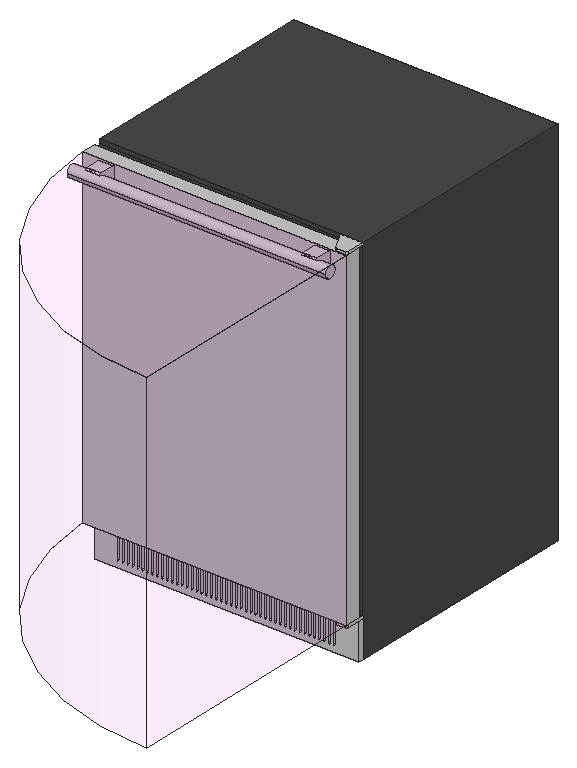
Revit family "Qf_Summit_SPR623OS_24 inches Wide Built-In Outdoor All-Refrigerator", category Specialty Equipment, Revit 2020
Family settings
  Round Connector Dimension = Use Diameter
  Part Type = Normal
  Work Plane-Based = No
  Always vertical = Yes
  Cut with Voids When Loaded = No
  Shared = No
  Room Calculation Point = No
Parameters
  Weight in Pounds = 114
  Watts = 0 W
  Volts = 115 V
  URL Cutsheet = ""
  Specification by User = ""
  Specification by Manufacturer = ""
  Show Clearance [instance] = yes
  Serial Number = ""
  Seismic Rating = ""
  SMACNA No = ""
  Revision Code = ""
  Refrigerant Volume = 0.00 kip
  Refrigerant Type = "R600a"
  Phase = 1
  Number of Poles = 1
  NAFEM Spec ID Number = ""
  Model = "SPR623OS"
  Min Ckt Ampacity = 0 A
  Max Overcurrent Protection = 0 A
  Masterspec = ""
  Manufacturer = "Summit"
  Length = 23 1/2"
  Item Number = ""
  Installed By = ""
  Identify Quantity as Lot = yes
  Height = 34"
  HP = ""
  Furnished By = ""
  Foodservice Equipment Identifier = yes
  FL Amps = 1.25 A
  Electrical Remarks = ""
  Electric Connection Type = ""
  Elec Conn RI Height = 0"
  Elec Conn Connection Height = 0"
  Description = "24\" Wide Built-In Outdoor All-Refrigerator"
  Depth = 23 1/2"
  Default Elevation = 0"
  Cycle = 60 Hz
  Conn Plug = ""
  Conn Conduit = yes
  CSI MasterFormat = ""
  Apparent Power = if(Phase = 3, Volts * FL Amps * 1.73, Volts * FL Amps)  # 143.75 VA
Reference planes (in)
  plane 1: z = 0
  plane 2 "LEFT": x = 0
  plane 3 "RIGHT": x = 23.5
  plane 4 "FRONT": y = -24.25
  plane 5 "TOP": z = 34
  plane 6 "Center Y": x = 11.75
  plane 7 "Center X": y = -12.5
  plane 8 "BACK": y = -0.75
  plane 9: y = -46.5
  plane 10: z = 0.75
  plane 11: z = 4
  plane 12: y = -26.25
  plane 13: y = -22.875
  plane 14: y = -22.375
  plane 15: z = 4.25
  plane 16: z = 33.8125
Forms (in)
  Extrusion 1, solid, material "QF_Metal_Stainless_Polished"
    sketch origin (23.88, 0, 0) x (0, 1, 0) y (0, 0, 1)
      loop
        circle (-25.75, 33.0562) r 0.5
    from -23.63 to -0.63
  Extrusion 2, solid, material "QF_Metal_Stainless_Polished"
    sketch origin (23.88, 0, 0) x (0, 1, 0) y (0, 0, 1)
      loop
        arc (-25.75, 33.5562) -> (-25.25, 33.0562) -> (-25.75, 32.5562) r 0.5
        line (-25.75, 32.5562) -> (-25.625, 32.4312) -> (-24.25, 32.4312) -> (-24.25, 33.6812) -> (-25.625, 33.6812) -> (-25.75, 33.5562)
    from -3.13 to -1.88
  Extrusion 3, solid, material "QF_Metal_Stainless_Polished"
    sketch origin (0, 0, 0) x (1, 0, 0) y (0, 1, 0)
      loop
        line (0, -22.875) -> (0, -24.25) -> (23.5, -24.25) -> (23.5, -22.875) -> (0, -22.875)
    from 4.25 to 33.8125
  Extrusion 4, solid, material "QF_Plastic - Black - Matte"
    sketch origin (0, 0, 0) x (1, 0, 0) y (0, 1, 0)
      loop
        line (0.125, -22.375) -> (0.125, -22.875) -> (23.375, -22.875) -> (23.375, -22.375) -> (0.125, -22.375)
    from 4.56834 to 33.6812
  Extrusion 5, solid, material "QF_Plastic - Black - Matte"
    sketch origin (0, 0, 0) x (1, 0, 0) y (0, 1, 0)
      loop
        line (0, -0.75) -> (0, -22.375) -> (23.5, -22.375) -> (23.5, -0.75) -> (0, -0.75)
    from 0.75 to 34
  Extrusion 6, solid, material "QF_Metal_Stainless_Polished"
    sketch origin (23.88, 0, 0) x (0, 1, 0) y (0, 0, 1)
      loop
        line (-22.375, 4) -> (-22.875, 4) -> (-22.875, 0.75) -> (-22.375, 0.75) -> (-22.375, 4)
    from -23.88 to -0.38
  Extrusion 7, solid, material "QF_Metal_Stainless_Polished"
    sketch origin (-0.38, 0, 0) x (0, 1, 0) y (0, 0, -1)
      loop
        line (-25.75, -33.5562) -> (-25.625, -33.6812) -> (-24.25, -33.6812) -> (-24.25, -32.4312) -> (-25.625, -32.4312) -> (-25.75, -32.5562)
        arc (-25.75, -32.5562) -> (-25.25, -33.0562) -> (-25.75, -33.5562) r 0.5
    from -3.13 to -1.88
  Revolve 8, solid
    sketch origin (0, -2, 0) x (1, 0, 0) y (0, 0, 1)
      loop
        line (1.5, 0.75) -> (1.5, 0) -> (2, 0) -> (2.08333, 0.4375) -> (2.08333, 0.5) -> (1.6875, 0.5) -> (1.6875, 0.75) -> (1.5, 0.75)
      axis (1.5, 0) -> (1.5, 0.75)
    angle from 0 to 360
  Revolve 9, solid
    sketch origin (23.5, -2, 0) x (-1, 0, 0) y (0, 0, 1)
      loop
        line (1.5, 0.75) -> (1.5, 0) -> (2, 0) -> (2.08333, 0.4375) -> (2.08333, 0.5) -> (1.6875, 0.5) -> (1.6875, 0.75) -> (1.5, 0.75)
      axis (1.5, 0) -> (1.5, 0.75)
    angle from 0 to 360
  Revolve 10, solid
    sketch origin (0, -21.25, 0) x (1, 0, 0) y (0, 0, 1)
      loop
        line (1.5, 0.75) -> (1.5, 0) -> (2, 0) -> (2.08333, 0.4375) -> (2.08333, 0.5) -> (1.6875, 0.5) -> (1.6875, 0.75) -> (1.5, 0.75)
      axis (1.5, 0) -> (1.5, 0.75)
    angle from 0 to 360
  Revolve 11, solid
    sketch origin (23.5, -21.25, 0) x (-1, 0, 0) y (0, 0, 1)
      loop
        line (1.5, 0.75) -> (1.5, 0) -> (2, 0) -> (2.08333, 0.4375) -> (2.08333, 0.5) -> (1.6875, 0.5) -> (1.6875, 0.75) -> (1.5, 0.75)
      axis (1.5, 0) -> (1.5, 0.75)
    angle from 0 to 360
  Extrusion 12, solid
    sketch origin (0, -0.75, 0) x (1, 0, 0) y (0, 0, 1)
      loop
        circle (17.5, 1.63431) r 0.25
    from 0 to -0.11328
  Extrusion 13, solid, material "QF_Metal_Stainless_Polished"
    sketch origin (0, 0, 0) x (1, 0, 0) y (0, 1, 0)
      loop
        line (21.5, -22.375) -> (22.46339, -24.12801)
        arc (22.46339, -24.12801) -> (22.50887, -24.17162) -> (22.56985, -24.1875) r 0.125
        line (22.56985, -24.1875) -> (23.375, -24.1875)
        arc (23.375, -24.1875) -> (23.46339, -24.15089) -> (23.5, -24.0625) r 0.125
        line (23.5, -24.0625) -> (23.5, -22.375) -> (21.5, -22.375)
    from 33.8125 to 34
  Extrusion 14, solid, material "QF_Metal_Stainless_Polished"
    sketch origin (0, 0, 34.75) x (0, -1, 0) y (1, 0, 0)
      loop
        line (22.375, 21.5) -> (24.12801, 22.46339)
        arc (24.12801, 22.46339) -> (24.17162, 22.50887) -> (24.1875, 22.56985) r 0.125
        line (24.1875, 22.56985) -> (24.1875, 23.375)
        arc (24.1875, 23.375) -> (24.15089, 23.46339) -> (24.0625, 23.5) r 0.125
        line (24.0625, 23.5) -> (22.375, 23.5) -> (22.375, 21.5)
    from -30.75 to -30.5
  Extrusion 15, void
    sketch origin (23.88, -22.875, 4) x (0, 0, 1) y (1, 0, 0)
      loop
        arc (-0.54337, -21.84875) -> (-0.44962, -21.755) -> (-0.54337, -21.66125) r 0.09375
        line (-0.54337, -21.66125) -> (-2.60587, -21.66125)
        arc (-2.60587, -21.66125) -> (-2.69962, -21.755) -> (-2.60587, -21.84875) r 0.09375
        line (-2.60587, -21.84875) -> (-0.54337, -21.84875)
      loop
        arc (-0.54337, -21.41125) -> (-0.44962, -21.3175) -> (-0.54337, -21.22375) r 0.09375
        line (-0.54337, -21.22375) -> (-2.60587, -21.22375)
        arc (-2.60587, -21.22375) -> (-2.69962, -21.3175) -> (-2.60587, -21.41125) r 0.09375
        line (-2.60587, -21.41125) -> (-0.54337, -21.41125)
      loop
        arc (-0.54337, -20.97375) -> (-0.44962, -20.88) -> (-0.54337, -20.78625) r 0.09375
        line (-0.54337, -20.78625) -> (-2.60587, -20.78625)
        arc (-2.60587, -20.78625) -> (-2.69962, -20.88) -> (-2.60587, -20.97375) r 0.09375
        line (-2.60587, -20.97375) -> (-0.54337, -20.97375)
      loop
        arc (-0.53125, -20.53625) -> (-0.4375, -20.4425) -> (-0.53125, -20.34875) r 0.09375
        line (-0.53125, -20.34875) -> (-2.59375, -20.34875)
        arc (-2.59375, -20.34875) -> (-2.6875, -20.4425) -> (-2.59375, -20.53625) r 0.09375
        line (-2.59375, -20.53625) -> (-0.53125, -20.53625)
      loop
        arc (-0.53125, -20.09875) -> (-0.4375, -20.005) -> (-0.53125, -19.91125) r 0.09375
        line (-0.53125, -19.91125) -> (-2.59375, -19.91125)
        arc (-2.59375, -19.91125) -> (-2.6875, -20.005) -> (-2.59375, -20.09875) r 0.09375
        line (-2.59375, -20.09875) -> (-0.53125, -20.09875)
      loop
        arc (-0.53125, -19.66125) -> (-0.4375, -19.5675) -> (-0.53125, -19.47375) r 0.09375
        line (-0.53125, -19.47375) -> (-2.59375, -19.47375)
        arc (-2.59375, -19.47375) -> (-2.6875, -19.5675) -> (-2.59375, -19.66125) r 0.09375
        line (-2.59375, -19.66125) -> (-0.53125, -19.66125)
      loop
        arc (-0.54337, -19.22375) -> (-0.44962, -19.13) -> (-0.54337, -19.03625) r 0.09375
        line (-0.54337, -19.03625) -> (-2.60587, -19.03625)
        arc (-2.60587, -19.03625) -> (-2.69962, -19.13) -> (-2.60587, -19.22375) r 0.09375
        line (-2.60587, -19.22375) -> (-0.54337, -19.22375)
      loop
        arc (-0.54337, -18.78625) -> (-0.44962, -18.6925) -> (-0.54337, -18.59875) r 0.09375
        line (-0.54337, -18.59875) -> (-2.60587, -18.59875)
        arc (-2.60587, -18.59875) -> (-2.69962, -18.6925) -> (-2.60587, -18.78625) r 0.09375
        line (-2.60587, -18.78625) -> (-0.54337, -18.78625)
      loop
        arc (-0.54337, -18.34875) -> (-0.44962, -18.255) -> (-0.54337, -18.16125) r 0.09375
        line (-0.54337, -18.16125) -> (-2.60587, -18.16125)
        arc (-2.60587, -18.16125) -> (-2.69962, -18.255) -> (-2.60587, -18.34875) r 0.09375
        line (-2.60587, -18.34875) -> (-0.54337, -18.34875)
      loop
        arc (-0.53125, -17.91125) -> (-0.4375, -17.8175) -> (-0.53125, -17.72375) r 0.09375
        line (-0.53125, -17.72375) -> (-2.59375, -17.72375)
        arc (-2.59375, -17.72375) -> (-2.6875, -17.8175) -> (-2.59375, -17.91125) r 0.09375
        line (-2.59375, -17.91125) -> (-0.53125, -17.91125)
      loop
        arc (-0.54337, -17.47375) -> (-0.44962, -17.38) -> (-0.54337, -17.28625) r 0.09375
        line (-0.54337, -17.28625) -> (-2.60587, -17.28625)
        arc (-2.60587, -17.28625) -> (-2.69962, -17.38) -> (-2.60587, -17.47375) r 0.09375
        line (-2.60587, -17.47375) -> (-0.54337, -17.47375)
      loop
        arc (-0.54337, -17.03625) -> (-0.44962, -16.9425) -> (-0.54337, -16.84875) r 0.09375
        line (-0.54337, -16.84875) -> (-2.60587, -16.84875)
        arc (-2.60587, -16.84875) -> (-2.69962, -16.9425) -> (-2.60587, -17.03625) r 0.09375
        line (-2.60587, -17.03625) -> (-0.54337, -17.03625)
      loop
        arc (-0.54337, -16.59875) -> (-0.44962, -16.505) -> (-0.54337, -16.41125) r 0.09375
        line (-0.54337, -16.41125) -> (-2.60587, -16.41125)
        arc (-2.60587, -16.41125) -> (-2.69962, -16.505) -> (-2.60587, -16.59875) r 0.09375
        line (-2.60587, -16.59875) -> (-0.54337, -16.59875)
      loop
        arc (-0.53125, -16.16125) -> (-0.4375, -16.0675) -> (-0.53125, -15.97375) r 0.09375
        line (-0.53125, -15.97375) -> (-2.59375, -15.97375)
        arc (-2.59375, -15.97375) -> (-2.6875, -16.0675) -> (-2.59375, -16.16125) r 0.09375
        line (-2.59375, -16.16125) -> (-0.53125, -16.16125)
      loop
        arc (-0.53125, -15.72375) -> (-0.4375, -15.63) -> (-0.53125, -15.53625) r 0.09375
        line (-0.53125, -15.53625) -> (-2.59375, -15.53625)
        arc (-2.59375, -15.53625) -> (-2.6875, -15.63) -> (-2.59375, -15.72375) r 0.09375
        line (-2.59375, -15.72375) -> (-0.53125, -15.72375)
      loop
        arc (-0.53125, -15.28625) -> (-0.4375, -15.1925) -> (-0.53125, -15.09875) r 0.09375
        line (-0.53125, -15.09875) -> (-2.59375, -15.09875)
        arc (-2.59375, -15.09875) -> (-2.6875, -15.1925) -> (-2.59375, -15.28625) r 0.09375
        line (-2.59375, -15.28625) -> (-0.53125, -15.28625)
      loop
        arc (-0.54337, -14.84875) -> (-0.44962, -14.755) -> (-0.54337, -14.66125) r 0.09375
        line (-0.54337, -14.66125) -> (-2.60587, -14.66125)
        arc (-2.60587, -14.66125) -> (-2.69962, -14.755) -> (-2.60587, -14.84875) r 0.09375
        line (-2.60587, -14.84875) -> (-0.54337, -14.84875)
      loop
        arc (-0.54337, -14.41125) -> (-0.44962, -14.3175) -> (-0.54337, -14.22375) r 0.09375
        line (-0.54337, -14.22375) -> (-2.60587, -14.22375)
        arc (-2.60587, -14.22375) -> (-2.69962, -14.3175) -> (-2.60587, -14.41125) r 0.09375
        line (-2.60587, -14.41125) -> (-0.54337, -14.41125)
      loop
        arc (-0.54337, -13.97375) -> (-0.44962, -13.88) -> (-0.54337, -13.78625) r 0.09375
        line (-0.54337, -13.78625) -> (-2.60587, -13.78625)
        arc (-2.60587, -13.78625) -> (-2.69962, -13.88) -> (-2.60587, -13.97375) r 0.09375
        line (-2.60587, -13.97375) -> (-0.54337, -13.97375)
      loop
        arc (-0.53125, -13.53625) -> (-0.4375, -13.4425) -> (-0.53125, -13.34875) r 0.09375
        line (-0.53125, -13.34875) -> (-2.59375, -13.34875)
        arc (-2.59375, -13.34875) -> (-2.6875, -13.4425) -> (-2.59375, -13.53625) r 0.09375
        line (-2.59375, -13.53625) -> (-0.53125, -13.53625)
      loop
        arc (-0.54337, -13.09875) -> (-0.44962, -13.005) -> (-0.54337, -12.91125) r 0.09375
        line (-0.54337, -12.91125) -> (-2.60587, -12.91125)
        arc (-2.60587, -12.91125) -> (-2.69962, -13.005) -> (-2.60587, -13.09875) r 0.09375
        line (-2.60587, -13.09875) -> (-0.54337, -13.09875)
      loop
        arc (-0.54337, -12.66125) -> (-0.44962, -12.5675) -> (-0.54337, -12.47375) r 0.09375
        line (-0.54337, -12.47375) -> (-2.60587, -12.47375)
        arc (-2.60587, -12.47375) -> (-2.69962, -12.5675) -> (-2.60587, -12.66125) r 0.09375
        line (-2.60587, -12.66125) -> (-0.54337, -12.66125)
      loop
        arc (-0.54337, -12.22375) -> (-0.44962, -12.13) -> (-0.54337, -12.03625) r 0.09375
        line (-0.54337, -12.03625) -> (-2.60587, -12.03625)
        arc (-2.60587, -12.03625) -> (-2.69962, -12.13) -> (-2.60587, -12.22375) r 0.09375
        line (-2.60587, -12.22375) -> (-0.54337, -12.22375)
      loop
        arc (-0.53125, -11.78625) -> (-0.4375, -11.6925) -> (-0.53125, -11.59875) r 0.09375
        line (-0.53125, -11.59875) -> (-2.59375, -11.59875)
        arc (-2.59375, -11.59875) -> (-2.6875, -11.6925) -> (-2.59375, -11.78625) r 0.09375
        line (-2.59375, -11.78625) -> (-0.53125, -11.78625)
      loop
        arc (-0.53125, -11.34875) -> (-0.4375, -11.255) -> (-0.53125, -11.16125) r 0.09375
        line (-0.53125, -11.16125) -> (-2.59375, -11.16125)
        arc (-2.59375, -11.16125) -> (-2.6875, -11.255) -> (-2.59375, -11.34875) r 0.09375
        line (-2.59375, -11.34875) -> (-0.53125, -11.34875)
      loop
        arc (-0.53125, -10.91125) -> (-0.4375, -10.8175) -> (-0.53125, -10.72375) r 0.09375
        line (-0.53125, -10.72375) -> (-2.59375, -10.72375)
        arc (-2.59375, -10.72375) -> (-2.6875, -10.8175) -> (-2.59375, -10.91125) r 0.09375
        line (-2.59375, -10.91125) -> (-0.53125, -10.91125)
      loop
        arc (-0.54337, -10.47375) -> (-0.44962, -10.38) -> (-0.54337, -10.28625) r 0.09375
        line (-0.54337, -10.28625) -> (-2.60587, -10.28625)
        arc (-2.60587, -10.28625) -> (-2.69962, -10.38) -> (-2.60587, -10.47375) r 0.09375
        line (-2.60587, -10.47375) -> (-0.54337, -10.47375)
      loop
        arc (-0.54337, -10.03625) -> (-0.44962, -9.9425) -> (-0.54337, -9.84875) r 0.09375
        line (-0.54337, -9.84875) -> (-2.60587, -9.84875)
        arc (-2.60587, -9.84875) -> (-2.69962, -9.9425) -> (-2.60587, -10.03625) r 0.09375
        line (-2.60587, -10.03625) -> (-0.54337, -10.03625)
      loop
        arc (-0.54337, -9.59875) -> (-0.44962, -9.505) -> (-0.54337, -9.41125) r 0.09375
        line (-0.54337, -9.41125) -> (-2.60587, -9.41125)
        arc (-2.60587, -9.41125) -> (-2.69962, -9.505) -> (-2.60587, -9.59875) r 0.09375
        line (-2.60587, -9.59875) -> (-0.54337, -9.59875)
      loop
        arc (-0.53125, -9.16125) -> (-0.4375, -9.0675) -> (-0.53125, -8.97375) r 0.09375
        line (-0.53125, -8.97375) -> (-2.59375, -8.97375)
        arc (-2.59375, -8.97375) -> (-2.6875, -9.0675) -> (-2.59375, -9.16125) r 0.09375
        line (-2.59375, -9.16125) -> (-0.53125, -9.16125)
      loop
        arc (-0.54337, -8.72375) -> (-0.44962, -8.63) -> (-0.54337, -8.53625) r 0.09375
        line (-0.54337, -8.53625) -> (-2.60587, -8.53625)
        arc (-2.60587, -8.53625) -> (-2.69962, -8.63) -> (-2.60587, -8.72375) r 0.09375
        line (-2.60587, -8.72375) -> (-0.54337, -8.72375)
      loop
        arc (-0.54337, -8.28625) -> (-0.44962, -8.1925) -> (-0.54337, -8.09875) r 0.09375
        line (-0.54337, -8.09875) -> (-2.60587, -8.09875)
        arc (-2.60587, -8.09875) -> (-2.69962, -8.1925) -> (-2.60587, -8.28625) r 0.09375
        line (-2.60587, -8.28625) -> (-0.54337, -8.28625)
      loop
        arc (-0.54337, -7.84875) -> (-0.44962, -7.755) -> (-0.54337, -7.66125) r 0.09375
        line (-0.54337, -7.66125) -> (-2.60587, -7.66125)
        arc (-2.60587, -7.66125) -> (-2.69962, -7.755) -> (-2.60587, -7.84875) r 0.09375
        line (-2.60587, -7.84875) -> (-0.54337, -7.84875)
      loop
        arc (-0.53125, -7.41125) -> (-0.4375, -7.3175) -> (-0.53125, -7.22375) r 0.09375
        line (-0.53125, -7.22375) -> (-2.59375, -7.22375)
        arc (-2.59375, -7.22375) -> (-2.6875, -7.3175) -> (-2.59375, -7.41125) r 0.09375
        line (-2.59375, -7.41125) -> (-0.53125, -7.41125)
      loop
        arc (-0.53125, -6.97375) -> (-0.4375, -6.88) -> (-0.53125, -6.78625) r 0.09375
        line (-0.53125, -6.78625) -> (-2.59375, -6.78625)
        arc (-2.59375, -6.78625) -> (-2.6875, -6.88) -> (-2.59375, -6.97375) r 0.09375
        line (-2.59375, -6.97375) -> (-0.53125, -6.97375)
      loop
        arc (-0.53125, -6.53625) -> (-0.4375, -6.4425) -> (-0.53125, -6.34875) r 0.09375
        line (-0.53125, -6.34875) -> (-2.59375, -6.34875)
        arc (-2.59375, -6.34875) -> (-2.6875, -6.4425) -> (-2.59375, -6.53625) r 0.09375
        line (-2.59375, -6.53625) -> (-0.53125, -6.53625)
      loop
        arc (-0.54337, -6.09875) -> (-0.44962, -6.005) -> (-0.54337, -5.91125) r 0.09375
        line (-0.54337, -5.91125) -> (-2.60587, -5.91125)
        arc (-2.60587, -5.91125) -> (-2.69962, -6.005) -> (-2.60587, -6.09875) r 0.09375
        line (-2.60587, -6.09875) -> (-0.54337, -6.09875)
      loop
        arc (-0.54337, -5.66125) -> (-0.44962, -5.5675) -> (-0.54337, -5.47375) r 0.09375
        line (-0.54337, -5.47375) -> (-2.60587, -5.47375)
        arc (-2.60587, -5.47375) -> (-2.69962, -5.5675) -> (-2.60587, -5.66125) r 0.09375
        line (-2.60587, -5.66125) -> (-0.54337, -5.66125)
      loop
        arc (-0.54337, -5.22375) -> (-0.44962, -5.13) -> (-0.54337, -5.03625) r 0.09375
        line (-0.54337, -5.03625) -> (-2.60587, -5.03625)
        arc (-2.60587, -5.03625) -> (-2.69962, -5.13) -> (-2.60587, -5.22375) r 0.09375
        line (-2.60587, -5.22375) -> (-0.54337, -5.22375)
      loop
        arc (-0.53125, -4.78625) -> (-0.4375, -4.6925) -> (-0.53125, -4.59875) r 0.09375
        line (-0.53125, -4.59875) -> (-2.59375, -4.59875)
        arc (-2.59375, -4.59875) -> (-2.6875, -4.6925) -> (-2.59375, -4.78625) r 0.09375
        line (-2.59375, -4.78625) -> (-0.53125, -4.78625)
      loop
        arc (-0.54337, -4.34875) -> (-0.44962, -4.255) -> (-0.54337, -4.16125) r 0.09375
        line (-0.54337, -4.16125) -> (-2.60587, -4.16125)
        arc (-2.60587, -4.16125) -> (-2.69962, -4.255) -> (-2.60587, -4.34875) r 0.09375
        line (-2.60587, -4.34875) -> (-0.54337, -4.34875)
      loop
        arc (-0.54337, -3.91125) -> (-0.44962, -3.8175) -> (-0.54337, -3.72375) r 0.09375
        line (-0.54337, -3.72375) -> (-2.60587, -3.72375)
        arc (-2.60587, -3.72375) -> (-2.69962, -3.8175) -> (-2.60587, -3.91125) r 0.09375
        line (-2.60587, -3.91125) -> (-0.54337, -3.91125)
      loop
        arc (-0.54337, -3.47375) -> (-0.44962, -3.38) -> (-0.54337, -3.28625) r 0.09375
        line (-0.54337, -3.28625) -> (-2.60587, -3.28625)
        arc (-2.60587, -3.28625) -> (-2.69962, -3.38) -> (-2.60587, -3.47375) r 0.09375
        line (-2.60587, -3.47375) -> (-0.54337, -3.47375)
      loop
        arc (-0.53125, -3.03625) -> (-0.4375, -2.9425) -> (-0.53125, -2.84875) r 0.09375
        line (-0.53125, -2.84875) -> (-2.59375, -2.84875)
        arc (-2.59375, -2.84875) -> (-2.6875, -2.9425) -> (-2.59375, -3.03625) r 0.09375
        line (-2.59375, -3.03625) -> (-0.53125, -3.03625)
      loop
        arc (-0.53125, -2.59875) -> (-0.4375, -2.505) -> (-0.53125, -2.41125) r 0.09375
        line (-0.53125, -2.41125) -> (-2.59375, -2.41125)
        arc (-2.59375, -2.41125) -> (-2.6875, -2.505) -> (-2.59375, -2.59875) r 0.09375
        line (-2.59375, -2.59875) -> (-0.53125, -2.59875)
    from 0 to 0.5
  Extrusion 16, solid, material "QF_Clearances_Door_Drawer"
    sketch origin (0, 0, 0) x (1, 0, 0) y (0, 1, 0)
      loop
        arc (0.02353, -24.24895) -> (7.32606, -40.05533) -> (23.5, -46.50296) r 23.51004
        line (23.5, -46.50296) -> (23.5, -24.24895) -> (0.02353, -24.24895)
    from 4.25 to 33.8125
Cuts and joins
  Extrusion 15 cuts Extrusion 5
  Extrusion 15 cuts Extrusion 6
Lines and regions (in)
  symbolic lines
    curve 1: line (0, -0.75, 0) -> (0, -22.375, 0)
    curve 2: line (0, -22.375, 0) -> (23.5, -22.375, 0)
    curve 3: line (23.5, -24.25, 0) -> (23.5, -0.75, 0)
    curve 4: line (23.5, -0.75, 0) -> (0, -0.75, 0)
    curve 5: line (0, -24.25, 0) -> (23.5, -24.25, 0)
    curve 6: line (23.5, -24.25, 0) -> (23.5, -22.875, 0)
    curve 7: line (0, -22.875, 0) -> (0, -24.25, 0)
    curve 8: line (1.5, -25.75, 0) -> (1.5, -24.25, 0)
    curve 9: line (2.75, -25.75, 0) -> (1.5, -25.75, 0)
    curve 10: line (2.75, -24.25, 0) -> (2.75, -25.75, 0)
    curve 11: line (20.75, -25.75, 0) -> (20.75, -24.25, 0)
    curve 12: line (22, -25.75, 0) -> (20.75, -25.75, 0)
    curve 13: line (22, -24.25, 0) -> (22, -25.75, 0)
    curve 14: line (21.5, -22.375, 0) -> (22.4603, -24.12269, 0)
    curve 15: arc (22.4603, -24.12269, 0) -> (22.50621, -24.17009, 0) -> (22.56985, -24.1875, 0) r 0.125
    curve 16: line (22.56985, -24.1875, 0) -> (23.375, -24.1875, 0)
    curve 17: arc (23.375, -24.1875, 0) -> (23.46339, -24.15089, 0) -> (23.5, -24.0625, 0) r 0.125
    curve 18: line (21.77473, -22.875, 0) -> (0, -22.875, 0)
    curve 19: line (23.25, -25.25, 0) -> (22, -25.25, 0)
    curve 20: line (20.75, -25.25, 0) -> (2.75, -25.25, 0)
    curve 21: line (0.25, -25.25, 0) -> (1.5, -25.25, 0)
    curve 22: line (0.25, -25.25, 0) -> (0.25, -26.25, 0)
    curve 23: line (0.25, -26.25, 0) -> (23.25, -26.25, 0)
    curve 26: line (23.25, -25.25, 0) -> (23.25, -26.25, 0)
  symbolic lines, style "QF_Clearances_Door_Drawer"
    curve 24: arc (0.02844, -24.25, 0) -> (1.12637, -30.20234, 0) -> (3.70792, -35.67696, 0) r 23.50492
    curve 25: line (3.70792, -35.67696, 0) -> (23.5, -24.25, 0)
Dimensions and locks (in)
  equal spacing: plane 2 "LEFT", plane 6 "Center Y", plane 3 "RIGHT"
  "Length": plane 2 "LEFT" to plane 3 "RIGHT"
  equal spacing: plane 4 "FRONT", plane 7 "Center X", plane 8 "BACK"
  "Height": plane 5 "TOP" to level
  plane 3 "RIGHT" to plane 2 "LEFT" = 23 1/2"
  plane 5 "TOP" to level = 34"
  "Depth": plane 4 "FRONT" to plane 8 "BACK"
  plane 8 "BACK" to plane 9 = 45 3/4"
  plane 12 to plane 4 "FRONT" = 2"  (x2)
  plane 14 to plane 8 "BACK" = 21 5/8"
  plane 10 to level = 3/4"
  aligned and locked: level to plane 1
  aligned and locked: Extrusion 3 to plane 16
  aligned and locked: Extrusion 6 to plane 2 "LEFT"
  aligned and locked: Extrusion 6 to plane 3 "RIGHT"
  aligned and locked: plane 5 "TOP" to Extrusion 13
  aligned and locked: plane 16 to Extrusion 13
  aligned and locked: Extrusion 16 to plane 16
  aligned and locked: Extrusion 16 to Extrusion 14
Automatic sketch dimensions
  plane 11 to Extrusion 6 sketch curve = 0"
  Extrusion 6 sketch curve to plane 13 = 0"
  plane 10 to Extrusion 6 sketch curve = 0"
  Extrusion 6 sketch curve to plane 14 = 0"
  Extrusion 1 sketch curve to plane 12 = 1/2"
  plane 16 to Extrusion 1 sketch curve = 0.7563"
  Extrusion 2 sketch curve to plane 4 "FRONT" = 0"
  plane 16 to Extrusion 2 sketch curve = 0.1313"
  Extrusion 2 sketch curve to plane 12 = 5/8"  (x2)
  Extrusion 2 sketch curve to plane 12 = 1/2"
  Extrusion 2 sketch curve to Extrusion 2 sketch curve = 1/8"
  Extrusion 2 sketch curve to Extrusion 2 sketch curve = 1/2"
  Extrusion 2 sketch curve to Extrusion 2 sketch curve = 1 1/4"
  Extrusion 3 sketch curve to plane 2 "LEFT" = 0"
  Extrusion 3 sketch curve to plane 3 "RIGHT" = 0"
  plane 4 "FRONT" to Extrusion 3 sketch curve = 0"
  plane 13 to Extrusion 3 sketch curve = 0"
  plane 13 to Extrusion 4 sketch curve = 0"
  plane 14 to Extrusion 4 sketch curve = 0"
  plane 2 "LEFT" to Extrusion 4 sketch curve = 1/8"
  plane 3 "RIGHT" to Extrusion 4 sketch curve = 1/8"
  Extrusion 5 sketch curve to plane 2 "LEFT" = 0"
  Extrusion 5 sketch curve to plane 3 "RIGHT" = 0"
  plane 14 to Extrusion 5 sketch curve = 0"
  plane 8 "BACK" to Extrusion 5 sketch curve = 0"
  Extrusion 7 sketch curve to plane 4 "FRONT" = 0"
  plane 16 to Extrusion 7 sketch curve = 0.1313"
  Extrusion 7 sketch curve to plane 12 = 5/8"  (x2)
  Extrusion 7 sketch curve to plane 12 = 1/2"
  Extrusion 7 sketch curve to Extrusion 7 sketch curve = 1/8"  (x2)
  Extrusion 7 sketch curve to Extrusion 7 sketch curve = 1/2"
  Revolve 8 sketch curve to plane 10 = 0"  (x2)
  Revolve 8 sketch curve to level = 0"
  plane 2 "LEFT" to Revolve 8 sketch curve = 1 1/2"
  Revolve 8 sketch curve to Revolve 8 sketch curve = 3/16"
  Revolve 8 sketch curve to Revolve 8 sketch curve = 1/2"
  Revolve 8 sketch curve to Revolve 8 sketch curve = 0.39583"
  plane 10 to Revolve 8 sketch curve = 5/16"
  Revolve 8 sketch curve to Revolve 8 sketch curve = 1/16"
  Revolve 8 sketch curve to Revolve 8 sketch curve = 0"
  Revolve 8 sketch curve to Revolve 8 sketch curve = 0.19405"
  Revolve 9 sketch curve to plane 10 = 0"  (x2)
  Revolve 9 sketch curve to level = 0"
  Revolve 9 sketch curve to plane 3 "RIGHT" = 1 1/2"
  Revolve 9 sketch curve to Revolve 9 sketch curve = 3/16"
  Revolve 9 sketch curve to Revolve 9 sketch curve = 1/2"
  Revolve 9 sketch curve to Revolve 9 sketch curve = 0.39583"
  Revolve 9 sketch curve to plane 10 = 5/16"
  Revolve 9 sketch curve to Revolve 9 sketch curve = 1/16"
  Revolve 9 sketch curve to Revolve 9 sketch curve = 0"
  Revolve 9 sketch curve to Revolve 9 sketch curve = 0.19405"
  Revolve 10 sketch curve to plane 10 = 0"  (x2)
  Revolve 10 sketch curve to level = 0"
  plane 2 "LEFT" to Revolve 10 sketch curve = 1 1/2"
  Revolve 10 sketch curve to Revolve 10 sketch curve = 3/16"
  Revolve 10 sketch curve to Revolve 10 sketch curve = 1/2"
  Revolve 10 sketch curve to Revolve 10 sketch curve = 0.39583"
  plane 10 to Revolve 10 sketch curve = 5/16"
  Revolve 10 sketch curve to Revolve 10 sketch curve = 1/16"
  Revolve 10 sketch curve to Revolve 10 sketch curve = 0"
  Revolve 10 sketch curve to Revolve 10 sketch curve = 0.19405"
  Revolve 11 sketch curve to plane 10 = 0"  (x2)
  Revolve 11 sketch curve to level = 0"
  Revolve 11 sketch curve to plane 3 "RIGHT" = 1 1/2"
  Revolve 11 sketch curve to Revolve 11 sketch curve = 3/16"
  Revolve 11 sketch curve to Revolve 11 sketch curve = 1/2"
  Revolve 11 sketch curve to Revolve 11 sketch curve = 0.39583"
  Revolve 11 sketch curve to plane 10 = 5/16"
  Revolve 11 sketch curve to Revolve 11 sketch curve = 1/16"
  Revolve 11 sketch curve to Revolve 11 sketch curve = 0"
  Revolve 11 sketch curve to Revolve 11 sketch curve = 0.19405"
  plane 14 to Extrusion 13 sketch curve = 0"
  Extrusion 13 sketch curve to plane 3 "RIGHT" = 0"
  plane 3 "RIGHT" to Extrusion 13 sketch curve = 1/8"
  Extrusion 13 sketch curve to plane 4 "FRONT" = 3/16"
  Extrusion 13 sketch curve to Extrusion 13 sketch curve = 0.80515"
  Extrusion 13 sketch curve to plane 4 "FRONT" = 0.12199"
  Extrusion 13 sketch curve to Extrusion 13 sketch curve = 0.10646"
  Extrusion 13 sketch curve to Extrusion 13 sketch curve = 1.06985"
  plane 14 to Extrusion 14 sketch curve = 0"
  Extrusion 14 sketch curve to plane 3 "RIGHT" = 0"
  Extrusion 14 sketch curve to plane 4 "FRONT" = 3/16"  (x2)
  Extrusion 14 sketch curve to plane 4 "FRONT" = 0.12199"
  Extrusion 14 sketch curve to plane 4 "FRONT" = 1/16"
  Extrusion 14 sketch curve to Extrusion 14 sketch curve = 0.80515"
  Extrusion 14 sketch curve to Extrusion 14 sketch curve = 1.06985"
  Extrusion 6 to Extrusion 15 sketch curve = 0.64413"  (x10)
  Extrusion 15 sketch curve to Extrusion 15 sketch curve = 0"  (x51)
  Extrusion 15 sketch curve to Extrusion 15 sketch curve = 0.01212"  (x17)
  Extrusion 6 to Extrusion 15 sketch curve = 21/32"
  Extrusion 6 to Extrusion 15 sketch curve = 0.54337"  (x11)
  Extrusion 15 sketch curve to Extrusion 6 = 2 1/32"
  Extrusion 15 sketch curve to Extrusion 15 sketch curve = 3/32"  (x45)
  Extrusion 15 sketch curve to Extrusion 15 sketch curve = 1/4"  (x44)
  Extrusion 16 sketch curve to plane 4 "FRONT" = 0.00105"
  plane 2 "LEFT" to Extrusion 16 sketch curve = 0.02353"
  plane 3 "RIGHT" to Extrusion 16 sketch curve = 0"
  Extrusion 16 sketch curve to plane 9 = 0.00296"
  curve 2 to plane 2 "LEFT" = 0"
  curve 7 to plane 2 "LEFT" = 0"
  plane 12 to curve 23 = 0"
  plane 4 "FRONT" to curve 8 = 0"
  plane 14 to curve 14 = 0"
  plane 13 to curve 18 = 0"
  curve 6 to plane 3 "RIGHT" = 0"
  curve 24 to plane 3 "RIGHT" = 0"
  plane 13 to curve 6 = 0"
  plane 8 "BACK" to curve 3 = 0"
  plane 2 "LEFT" to curve 22 = 1/4"
  curve 8 to plane 12 = 1/2"
  curve 22 to curve 8 = 1 1/4"
  curve 8 to curve 10 = 1 1/4"
  curve 12 to plane 12 = 1/2"
  plane 3 "RIGHT" to curve 12 = 2 3/4"
  curve 11 to curve 12 = 1 1/4"
  curve 14 to plane 4 "FRONT" = 0.12731"
  curve 13 to curve 14 = 0.4603"
  curve 15 to curve 15 = 0.10955"
  plane 3 "RIGHT" to curve 19 = 1/4"
  plane 3 "RIGHT" to curve 17 = 1/8"
  curve 22 to curve 22 = 1"
  plane 4 "FRONT" to curve 19 = 1"
  curve 16 to plane 4 "FRONT" = 1/16"
  plane 13 to curve 24 = 0.12304"
  plane 2 "LEFT" to curve 25 = 3.70792"
  plane 2 "LEFT" to curve 24 = 0.02844"
  curve 14 to curve 13 = 1/2"
  curve 11 to curve 20 = 1/2"
  radius of Extrusion 1 sketch curve = 1/2"
Connectors (in)
  electrical at (17.5, -0.63672, 1.63431), driven by "Volts", driven by "Apparent Power"
    settings: on Extrusion 12, index 1, voltage 115 V, apparent load 143.75 VA, apparent load phase1 0 VA, apparent load phase2 0 VA, apparent load phase3 0 VA, power factor 1, load classification "Other", number of poles 1, system type 30, power factor state 1, is connector primary yes, connector utility no, sub classification motor no, connector description "Electrical Inlet"
